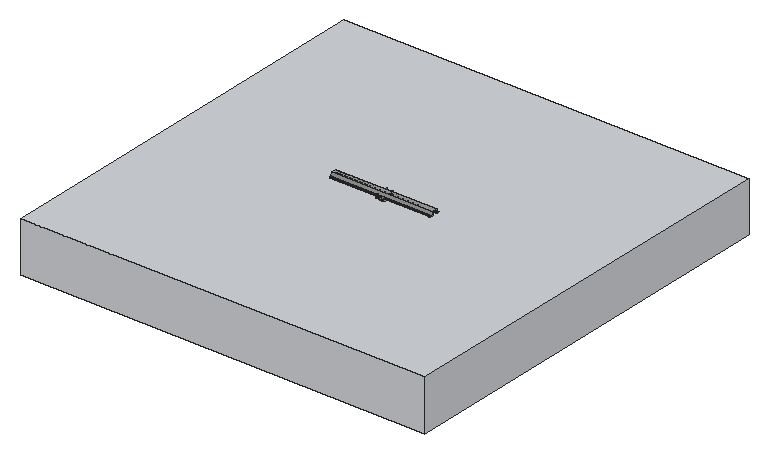
Revit family
Parameters
  Specification = "http://www.acousticalsurfaces.com/csi_specs/rsic/RSIC-1-Product-Guide-Specification.doc"
  Product Data = "http://www.acousticalsurfaces.com/rsic_clips/rsic_clips.htm?d=46"
  Manufacturer Website = "www.acousticalsurfaces.com"
  Manufacturer Phone (Toll Free) = "(800) 448-0121"
  Manufacturer Phone = "(952) 448-5300"
  Manufacturer Fax = "(952) 448-2613"
  Manufacturer Email = "sales@acousticalsufaces.com"
  Manufacturer Address = "123 Columbia Court North, Suite 201, Chaska, Minnesota 55318"
  Default Elevation = 4' - 0"
  Construction Details = "http://www.acousticalsurfaces.com/rsic_clips/detail/wall-1.jpg"
Reference planes (in)
  plane 1 "Center (Front/Back)": y = 0
  plane 2: z = 0
  plane 3 "Center (Left/Right)": x = 0
Forms (in)
  Extrusion 1, solid
    sketch origin (0, 0, 0) x (1, 0, 0) y (0, 1, 0)
      loop
        line (-48, 48) -> (-48, -48) -> (48, -48) -> (48, 48) -> (-48, 48)
    from 0 to -12
  Extrusion 2, solid, material "Metal Furring"
    sketch origin (0, 0, 1.67165) x (0, -1, 0) y (0, 0, -1)
      loop
        line (-0.63791, 0) -> (0.63791, 0) -> (0.74581, 0.75533)
        arc (0.74581, 0.75533) -> (0.76673, 0.79371) -> (0.80768, 0.80899) r 0.0625
        line (0.80768, 0.80899) -> (1.24686, 0.80899) -> (1.24686, 0.84326) -> (0.80825, 0.84326)
        arc (0.80825, 0.84326) -> (0.75706, 0.82416) -> (0.73091, 0.77619) r 0.07813
        line (0.73091, 0.77619) -> (0.62226, 0.01562) -> (-0.62226, 0.01562) -> (-0.73091, 0.77619)
        arc (-0.73091, 0.77619) -> (-0.75706, 0.82416) -> (-0.80825, 0.84326) r 0.07813
        line (-0.80825, 0.84326) -> (-1.24686, 0.84326) -> (-1.24686, 0.80899) -> (-0.80768, 0.80899)
        arc (-0.80768, 0.80899) -> (-0.76673, 0.79371) -> (-0.74581, 0.75533) r 0.0625
        line (-0.74581, 0.75533) -> (-0.63791, 0)
    from -12 to 12
  Extrusion 3, solid, material "Metal - Steel - Acoustical Surfaces - RSIC"
    sketch origin (0, 0, 1.60889) x (1, 0, 0) y (0, 0, -1)
      loop
        line (-0.71875, 1.03076) -> (-0.72, 0.31597) -> (-0.68875, 0.31597) -> (-0.6875, 1.03076)
        arc (-0.6875, 1.03076) -> (-0.67835, 1.05286) -> (-0.65625, 1.06201) r 0.03125
        line (-0.65625, 1.06201) -> (0.65625, 1.06201)
        arc (0.65625, 1.06201) -> (0.67835, 1.05286) -> (0.6875, 1.03076) r 0.03125
        line (0.6875, 1.03076) -> (0.6875, 0.31597) -> (0.72, 0.31597) -> (0.71875, 1.03076)
        arc (0.71875, 1.03076) -> (0.70044, 1.07496) -> (0.65625, 1.09326) r 0.0625
        line (0.65625, 1.09326) -> (-0.65625, 1.09326)
        arc (-0.65625, 1.09326) -> (-0.70044, 1.07496) -> (-0.71875, 1.03076) r 0.0625
    from -1.5 to 1.5
  Extrusion 4, void
    sketch origin (0, 0, 1.60889) x (0, -1, 0) y (0, 0, -1)
      loop
        line (1.26535, 0.93701) -> (-1.26535, 0.93701) -> (-1.26535, 0.7417) -> (-1.0102, 0.7417)
        spline (-1.0102, 0.7417) -> (-1.0137, 0.69044) -> (-1.02414, 0.63992) -> (-1.04138, 0.59084) -> (-1.06517, 0.54392) -> (-1.09517, 0.49983) -> (-1.13095, 0.45919) -> (-1.172, 0.42259) -> (-1.21774, 0.39054) -> (-1.2675, 0.36351) -> (-1.32059, 0.34188) -> (-1.37624, 0.32596) -> (-1.43365, 0.31597)
        line (-1.43365, 0.31597) -> (-1.57142, 0.31597) -> (-1.57142, 0.20901) -> (1.57142, 0.20901) -> (1.57142, 0.31597) -> (1.43365, 0.31597)
        spline (1.43365, 0.31597) -> (1.37624, 0.32596) -> (1.32059, 0.34188) -> (1.2675, 0.36351) -> (1.21774, 0.39054) -> (1.172, 0.42259) -> (1.13095, 0.45919) -> (1.09517, 0.49983) -> (1.06517, 0.54392) -> (1.04138, 0.59084) -> (1.02414, 0.63992) -> (1.0137, 0.69044) -> (1.0102, 0.7417)
        line (1.0102, 0.7417) -> (1.26535, 0.7417) -> (1.26535, 0.93701)
    from -1.34265 to 1.5
  Extrusion 5, solid, material "Acoustic - Isolator - Acoustical Surfaces - RSIC"
    sketch origin (1.44207, -0.24385, 0.51562) x (0, 1, 0) y (1, 0, 0)
      loop
        circle (0.24385, -1.44207) r 0.75
    from 0 to 0.51563
  Extrusion 6, solid, material "Acoustic - Isolator - Acoustical Surfaces - RSIC"
    sketch origin (0, 0, -0.06201) x (1, 0, 0) y (0, 1, 0)
      loop
        circle (0, 0) r 0.375
    from 0.60889 to 1.06201
Cuts and joins
  Extrusion 4 cuts Extrusion 3
Dimensions and locks (in)
  aligned and locked: plane 2 to Extrusion 1
  aligned and locked: level to Extrusion 1
